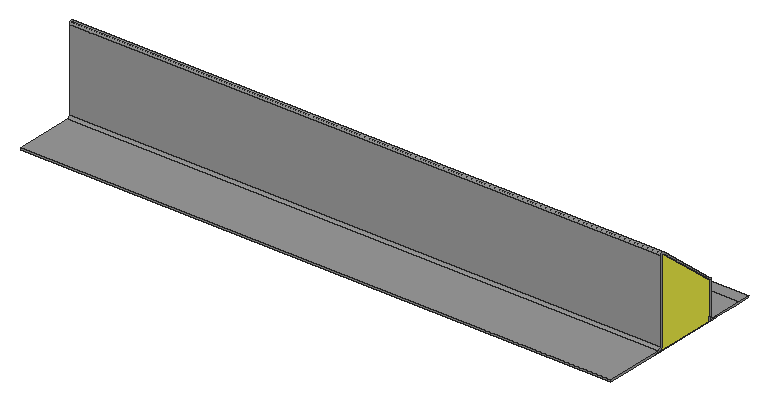
Revit family "SK 130 WIL", category Generic Models, Revit 2014
Parameters (values of type "Max lintel length 4000mm")
  URL = "http://www.keystonelintels.co.uk"
  Structural Opening [instance] = 900 mm
  Structural Performance = "The Keystone lintel range has safe working loads as detailed in each applicable loading table in the Keystone Lintel Guide brochure. The structural performance figures within each table have been ascertained by testing in accordance with the requirements of standards BS EN 5977-2: 1983 and BS EN 845-2: 2003."
  RIBA Productor Selector = "available for Keystone Lintels Ltd from Keystone Lintels Ltd from ribaproductselector.com"
  Model = "SK/ 130 WIL"
  Min Length = 600 mm
  Min Clear Span = 300 mm
  Max Length = 4000 mm
  Max Clear Span = 4000 mm
  Material - Stainless Steel = "Grade 304 2b 1.4307 to BS EN 10088-2. Other grades available on request: contact manufacturer."
  Material - Galvanised Steel = "To BS EN 10346: 2009. DX51D plus Z600 or grade Z275 to BS 5977-2: 1983 (BS EN 845-2: 2003)."
  Manufacturer = "Keystone"
  Manufactured Length [instance] = (roundup(Effective Length / 150 mm) * 150 mm)  # 1200 mm
  Lintel height [instance] = 2100 mm
  Keynote = "F30/755"
  Fire Performance = "Keystone lintels have been subjected to a fire test (WARRES No. 101263) in accordance with BS 476-20: 1987, at Exova Warrington Fire and achieved a one hour fire performance."
  End Bearing = 150 mm
  Effective Length [instance] = Clear Opening with MIN MAX set + End Bearing * 2  # 1200 mm
  Corrosion = "Keystone’s standard range of lintels are manufactured from high quality grade pre-galvanized carbon steel with a zinc coating of 600"
  Contact Tel = "+44 (0)28 8676 2184"
  Contact Email = "info@keystonelintels.co.uk"
  Clear Opening with MIN MAX set [instance] = if(Structural Opening < Min Clear Span, Min Clear Span, (if(Structural Opening > Max Clear Span, Max Clear Span, Structural Opening)))  # 900 mm
  CPD Information = "Available for Keystone Lintels Ltd from ribacpd.com"
Reference planes
  plane 1 "Center (Front/Back)": y = 0
  plane 2: z = 0
  plane 3 "Center (Left/Right)": x = 0
  plane 4: x = -600
  plane 5: x = 600
  plane 6: z = 2100
  plane 7: x = -450
  plane 8: x = 450
Forms (mm)
  Extrusion 1, solid, material "Steel"
    sketch origin (0, 700.7, -521.715) x (0, 1, 0) y (0, 0, 1)
      loop
        line (-542.986, 2624.041) -> (-567.986, 2624.915) -> (-632.986, 2624.915)
        arc (-632.986, 2624.915) -> (-636.522, 2626.379) -> (-637.986, 2629.915) r 5
        line (-637.986, 2629.915) -> (-637.986, 2695.87)
        arc (-637.986, 2695.87) -> (-638.473, 2698.067) -> (-639.843, 2699.853) r 5.2
        line (-639.843, 2699.853) -> (-757.443, 2798.55)
        arc (-757.443, 2798.55) -> (-762.984, 2799.28) -> (-765.986, 2794.567) r 5.2
        line (-765.986, 2794.567) -> (-765.986, 2629.915)
        arc (-765.986, 2629.915) -> (-767.451, 2626.379) -> (-770.986, 2624.915) r 5
        line (-770.986, 2624.915) -> (-890.986, 2624.915) -> (-890.986, 2621.715) -> (-770.986, 2621.715)
        arc (-770.986, 2621.715) -> (-765.188, 2624.117) -> (-762.786, 2629.915) r 8.2
        line (-762.786, 2629.915) -> (-762.786, 2794.567)
        arc (-762.786, 2794.567) -> (-761.631, 2796.38) -> (-759.5, 2796.099) r 2
        line (-759.5, 2796.099) -> (-641.9, 2697.402)
        arc (-641.9, 2697.402) -> (-641.374, 2696.715) -> (-641.186, 2695.87) r 2
        line (-641.186, 2695.87) -> (-641.186, 2629.915)
        arc (-641.186, 2629.915) -> (-638.784, 2624.117) -> (-632.986, 2621.715) r 8.2
        line (-632.986, 2621.715) -> (-568.042, 2621.715) -> (-543.098, 2620.843) -> (-542.986, 2624.041)
    from -600 to 600
  Extrusion 2, solid, material "Insulation"
    sketch origin (0, 700.7, -521.715) x (0, 1, 0) y (0, 0, 1)
      loop
        line (-641.186, 2629.915) -> (-641.186, 2695.87)
        arc (-641.186, 2695.87) -> (-641.374, 2696.715) -> (-641.9, 2697.402) r 2
        line (-641.9, 2697.402) -> (-759.5, 2796.099)
        arc (-759.5, 2796.099) -> (-761.631, 2796.38) -> (-762.786, 2794.567) r 2
        line (-762.786, 2794.567) -> (-762.786, 2629.915)
        arc (-762.786, 2629.915) -> (-765.188, 2624.117) -> (-770.986, 2621.715) r 8.2
        line (-770.986, 2621.715) -> (-642.496, 2621.715) -> (-642.496, 2629.715) -> (-641.496, 2629.715) -> (-641.496, 2621.715) -> (-632.986, 2621.715)
        arc (-632.986, 2621.715) -> (-638.784, 2624.117) -> (-641.186, 2629.915) r 8.2
    from -600 to 600
  Extrusion 3, solid, material "Steel"
    sketch origin (0, 700.7, -521.715) x (0, 1, 0) y (0, 0, 1)
      loop
        line (-624.496, 2621.715) -> (-641.496, 2621.715) -> (-641.496, 2629.715) -> (-642.496, 2629.715) -> (-642.496, 2621.715) -> (-779.527, 2621.715) -> (-779.527, 2620.715) -> (-624.496, 2620.715) -> (-624.496, 2621.715)
    from -600 to 600
  Extrusion 4, solid, not visible
    sketch origin (0, 979.177, 1235.697) x (0, 1, 0) y (0, 0, 1)
      loop
        line (-542.986, 1024.041) -> (-567.986, 1024.915) -> (-632.986, 1024.915)
        arc (-632.986, 1024.915) -> (-636.522, 1026.379) -> (-637.986, 1029.915) r 5
        line (-637.986, 1029.915) -> (-637.986, 1095.87)
        arc (-637.986, 1095.87) -> (-638.473, 1098.067) -> (-639.843, 1099.853) r 5.2
        line (-639.843, 1099.853) -> (-757.443, 1198.55)
        arc (-757.443, 1198.55) -> (-762.984, 1199.28) -> (-765.986, 1194.567) r 5.2
        line (-765.986, 1194.567) -> (-765.986, 1029.915)
        arc (-765.986, 1029.915) -> (-767.451, 1026.379) -> (-770.986, 1024.915) r 5
        line (-770.986, 1024.915) -> (-890.986, 1024.915) -> (-890.986, 1021.715) -> (-770.986, 1021.715)
        arc (-770.986, 1021.715) -> (-765.188, 1024.117) -> (-762.786, 1029.915) r 8.2
        line (-762.786, 1029.915) -> (-762.786, 1194.567)
        arc (-762.786, 1194.567) -> (-761.631, 1196.38) -> (-759.5, 1196.099) r 2
        line (-759.5, 1196.099) -> (-641.9, 1097.402)
        arc (-641.9, 1097.402) -> (-641.374, 1096.715) -> (-641.186, 1095.87) r 2
        line (-641.186, 1095.87) -> (-641.186, 1029.915)
        arc (-641.186, 1029.915) -> (-638.784, 1024.117) -> (-632.986, 1021.715) r 8.2
        line (-632.986, 1021.715) -> (-568.042, 1021.715) -> (-543.098, 1020.843) -> (-542.986, 1024.041)
    from 0 to 250
  Extrusion 5, solid, not visible
    sketch origin (0, 543.942, 820.115) x (0, 1, 0) y (0, 0, 1)
      loop
        line (-641.186, 1029.915) -> (-641.186, 1095.87)
        arc (-641.186, 1095.87) -> (-641.374, 1096.715) -> (-641.9, 1097.402) r 2
        line (-641.9, 1097.402) -> (-759.5, 1196.099)
        arc (-759.5, 1196.099) -> (-761.631, 1196.38) -> (-762.786, 1194.567) r 2
        line (-762.786, 1194.567) -> (-762.786, 1029.915)
        arc (-762.786, 1029.915) -> (-765.188, 1024.117) -> (-770.986, 1021.715) r 8.2
        line (-770.986, 1021.715) -> (-642.496, 1021.715) -> (-642.496, 1029.715) -> (-641.496, 1029.715) -> (-641.496, 1021.715) -> (-632.986, 1021.715)
        arc (-632.986, 1021.715) -> (-638.784, 1024.117) -> (-641.186, 1029.915) r 8.2
    from 0 to 250
  Extrusion 6, solid, not visible
    sketch origin (0, 945.336, 960.746) x (0, 1, 0) y (0, 0, 1)
      loop
        line (-624.496, 1021.715) -> (-641.496, 1021.715) -> (-641.496, 1029.715) -> (-642.496, 1029.715) -> (-642.496, 1021.715) -> (-779.527, 1021.715) -> (-779.527, 1020.715) -> (-624.496, 1020.715) -> (-624.496, 1021.715)
    from 0 to 250
Dimensions and locks
  equal spacing: plane 4, plane 3 "Center (Left/Right)", plane 5
  "Manufactured Length": plane 4 to plane 5
  "Lintel height": plane 6 to level
  "Structural Opening": plane 7 to plane 8
  equal spacing: plane 7, plane 3 "Center (Left/Right)", plane 8
  aligned and locked: level to plane 2
  aligned and locked: Extrusion 1 to plane 6
  aligned and locked: Extrusion 2 to plane 6
  aligned and locked: plane 6 to Extrusion 3
  aligned and locked: plane 5 to Extrusion 1
  aligned and locked: Extrusion 1 to plane 4
  aligned and locked: Extrusion 3 to plane 4
  aligned and locked: plane 5 to Extrusion 3
  aligned and locked: plane 5 to Extrusion 2
  aligned and locked: Extrusion 2 to plane 4
Automatic sketch dimensions
  Extrusion 1 sketch curve to Extrusion 1 sketch curve = 0.112 mm
  Extrusion 1 sketch curve to Extrusion 1 sketch curve = 25 mm
  Extrusion 1 sketch curve to Extrusion 1 sketch curve = 3.198 mm
  Extrusion 1 sketch curve to Extrusion 1 sketch curve = 0.056 mm
  Extrusion 1 sketch curve to Extrusion 1 sketch curve = 65 mm
  Extrusion 1 sketch curve to Extrusion 1 sketch curve = 5 mm  (x2)
  Extrusion 1 sketch curve to Extrusion 1 sketch curve = 65.955 mm
  Extrusion 1 sketch curve to Extrusion 1 sketch curve = 2 mm
  Extrusion 1 sketch curve to Extrusion 1 sketch curve = 0.714 mm
  Extrusion 1 sketch curve to Extrusion 1 sketch curve = 2.057 mm  (x2)
  Extrusion 1 sketch curve to Extrusion 1 sketch curve = 117.6 mm
  Extrusion 1 sketch curve to Extrusion 1 sketch curve = 98.697 mm
  Extrusion 1 sketch curve to Extrusion 1 sketch curve = 2.451 mm
  Extrusion 1 sketch curve to Extrusion 1 sketch curve = 1.286 mm
  Extrusion 1 sketch curve to Extrusion 1 sketch curve = 1.532 mm
  Extrusion 1 sketch curve to Extrusion 1 sketch curve = 0 mm  (x17)
  Extrusion 1 sketch curve to Extrusion 1 sketch curve = 120 mm
  Extrusion 2 sketch curve to Extrusion 2 sketch curve = 8.2 mm  (x2)
  Extrusion 2 sketch curve to Extrusion 2 sketch curve = 2 mm
  Extrusion 2 sketch curve to Extrusion 2 sketch curve = 1.286 mm  (x2)
  Extrusion 2 sketch curve to Extrusion 2 sketch curve = 119.6 mm
  Extrusion 2 sketch curve to Extrusion 2 sketch curve = 0.69 mm
  Extrusion 2 sketch curve to Extrusion 2 sketch curve = 1 mm
  Extrusion 2 sketch curve to Extrusion 2 sketch curve = 0.714 mm
  Extrusion 2 sketch curve to Extrusion 2 sketch curve = 0 mm
  Extrusion 2 sketch curve to Extrusion 2 sketch curve = 0.2 mm
  Extrusion 2 sketch curve to Extrusion 2 sketch curve = 65.955 mm
  Extrusion 2 sketch curve to Extrusion 2 sketch curve = 98.697 mm
  Extrusion 3 sketch curve to Extrusion 3 sketch curve = 17 mm
  Extrusion 3 sketch curve to Extrusion 3 sketch curve = 1 mm  (x2)
  Extrusion 3 sketch curve to Extrusion 3 sketch curve = 138.031 mm
  Extrusion 3 sketch curve to Extrusion 3 sketch curve = 8 mm
  Extrusion 3 sketch curve to Extrusion 3 sketch curve = 0 mm
  Extrusion 4 sketch curve to Extrusion 4 sketch curve = 0.112 mm
  Extrusion 4 sketch curve to Extrusion 4 sketch curve = 25 mm
  Extrusion 4 sketch curve to Extrusion 4 sketch curve = 3.198 mm
  Extrusion 4 sketch curve to Extrusion 4 sketch curve = 0.056 mm
  Extrusion 4 sketch curve to Extrusion 4 sketch curve = 65 mm
  Extrusion 4 sketch curve to Extrusion 4 sketch curve = 5 mm  (x2)
  Extrusion 4 sketch curve to Extrusion 4 sketch curve = 0 mm  (x17)
  Extrusion 4 sketch curve to Extrusion 4 sketch curve = 65.955 mm
  Extrusion 4 sketch curve to Extrusion 4 sketch curve = 2 mm
  Extrusion 4 sketch curve to Extrusion 4 sketch curve = 0.714 mm
  Extrusion 4 sketch curve to Extrusion 4 sketch curve = 2.057 mm  (x2)
  Extrusion 4 sketch curve to Extrusion 4 sketch curve = 117.6 mm
  Extrusion 4 sketch curve to Extrusion 4 sketch curve = 98.697 mm
  Extrusion 4 sketch curve to Extrusion 4 sketch curve = 2.451 mm
  Extrusion 4 sketch curve to Extrusion 4 sketch curve = 1.286 mm
  Extrusion 4 sketch curve to Extrusion 4 sketch curve = 1.532 mm
  Extrusion 4 sketch curve to Extrusion 4 sketch curve = 120 mm
  Extrusion 5 sketch curve to Extrusion 5 sketch curve = 8.2 mm  (x2)
  Extrusion 5 sketch curve to Extrusion 5 sketch curve = 2 mm
  Extrusion 5 sketch curve to Extrusion 5 sketch curve = 1.286 mm  (x2)
  Extrusion 5 sketch curve to Extrusion 5 sketch curve = 119.6 mm
  Extrusion 5 sketch curve to Extrusion 5 sketch curve = 0.69 mm
  Extrusion 5 sketch curve to Extrusion 5 sketch curve = 1 mm
  Extrusion 5 sketch curve to Extrusion 5 sketch curve = 0.714 mm
  Extrusion 5 sketch curve to Extrusion 5 sketch curve = 0 mm
  Extrusion 5 sketch curve to Extrusion 5 sketch curve = 0.2 mm
  Extrusion 5 sketch curve to Extrusion 5 sketch curve = 65.955 mm
  Extrusion 5 sketch curve to Extrusion 5 sketch curve = 98.697 mm
  Extrusion 6 sketch curve to Extrusion 6 sketch curve = 17 mm
  Extrusion 6 sketch curve to Extrusion 6 sketch curve = 1 mm  (x2)
  Extrusion 6 sketch curve to Extrusion 6 sketch curve = 138.031 mm
  Extrusion 6 sketch curve to Extrusion 6 sketch curve = 8 mm
  Extrusion 6 sketch curve to Extrusion 6 sketch curve = 0 mm
  Extrusion 3 sketch curve to plane 6 = 0 mm
  plane 1 "Center (Front/Back)" to Extrusion 3 sketch curve = 78.826 mm
  Extrusion 2 sketch curve to plane 6 = 0 mm
  plane 1 "Center (Front/Back)" to Extrusion 2 sketch curve = 70.286 mm
  Extrusion 1 sketch curve to plane 6 = 0 mm
  plane 1 "Center (Front/Back)" to Extrusion 1 sketch curve = 190.286 mm
